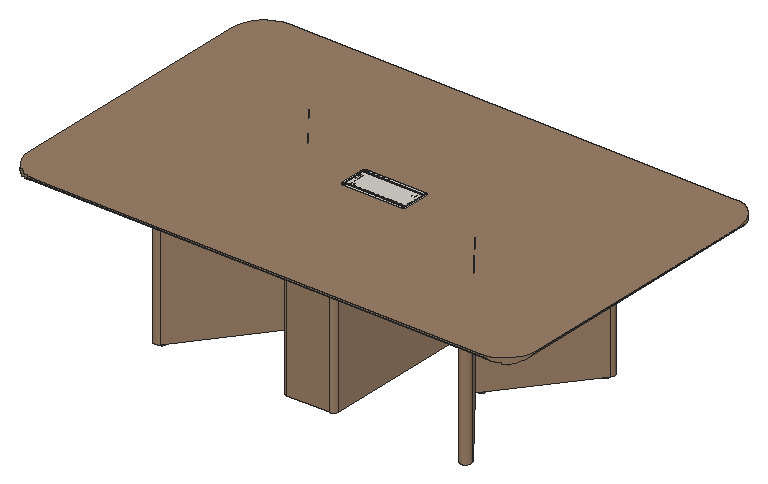
Revit family "Table-Teknion-CFTBKV-Figure_Table_Butter_Knife_Edge-Open_V_Leg_Base-R2023", category Furniture, Revit 2023 (continued)
Definition of nested family "Softened Panel"
  Forms (in)
    Revolve 4, solid, material <- "Glide Finish"
      sketch origin (0, 13.646, 0) x (-1, 0, 0) y (0, 0, 1)
        loop
          line (-3.64645, 0.25) -> (-3.64645, 0) -> (-3.14645, 0) -> (-3.14645, 0.25) -> (-3.64645, 0.25)
        axis (-3.64645, 0.25) -> (-3.64645, 0)
      angle from 0 to 360
    Sweep 5, solid, material <- "Glide Finish"
      path origin (0, 0, 0) x (1, 0, 0) y (0, 0, 1)
        loop
          line (0, 0.5) -> (0, 0.25)
      profile origin (0, 0, 0.375) x (0, -1, 0) y (1, 0, 0)
        loop
          line (13.3335, -3.82713) -> (13.646, -4.00755) -> (13.9585, -3.82713) -> (13.9585, -3.46628) -> (13.646, -3.28586) -> (13.3335, -3.46628) -> (13.3335, -3.82713)
        loop
          line (13.3335, 3.46628) -> (13.646, 3.28586) -> (13.9585, 3.46628) -> (13.9585, 3.82713) -> (13.646, 4.00755) -> (13.3335, 3.82713) -> (13.3335, 3.46628)
        loop
          line (-13.9585, 3.46628) -> (-13.646, 3.28586) -> (-13.3335, 3.46628) -> (-13.3335, 3.82713) -> (-13.646, 4.00755) -> (-13.9585, 3.82713) -> (-13.9585, 3.46628)
        loop
          line (-13.9585, -3.82713) -> (-13.646, -4.00755) -> (-13.3335, -3.82713) -> (-13.3335, -3.46628) -> (-13.646, -3.28586) -> (-13.9585, -3.46628) -> (-13.9585, -3.82713)
    Sweep 6, solid, material <- "Base Finish"
      path origin (0, 0, 0) x (1, 0, 0) y (0, 0, 1)
        loop
          line (0, 26.75) -> (0, 0.5)
      profile origin (0, 0, 13.625) x (0, -1, 0) y (1, 0, 0)
        loop
          line (14, 5) -> (-14, 5)
          arc (-14, 5) -> (-14.70711, 4.70711) -> (-15, 4) r 1
          line (-15, 4) -> (-15, -4)
          arc (-15, -4) -> (-14.70711, -4.70711) -> (-14, -5) r 1
          line (-14, -5) -> (14, -5)
          arc (14, -5) -> (14.70711, -4.70711) -> (15, -4) r 1
          line (15, -4) -> (15, 4)
          arc (15, 4) -> (14.70711, 4.70711) -> (14, 5) r 1
    Sweep 7, void
      path origin (0, 0, 0) x (1, 0, 0) y (0, 1, 0)
        loop
          line (7.5, 0) -> (-7.5, 0)
      profile origin (0, 0, 0) x (0, -1, 0) y (0, 0, 1)
        loop
          line (-5, 27.5) -> (-5, 24.5)
          arc (-5, 24.5) -> (-4.85355, 24.14645) -> (-4.5, 24) r 0.5
          line (-4.5, 24) -> (4.5, 24)
          arc (4.5, 24) -> (4.85355, 24.14645) -> (5, 24.5) r 0.5
          line (5, 24.5) -> (5, 27.5) -> (-5, 27.5)
    Sweep 8, void
      path origin (0, 0, 0) x (1, 0, 0) y (0, 0, 1)
        loop
          line (0, 26) -> (0, 1.25)
      profile origin (0, 0, 13.625) x (0, -1, 0) y (1, 0, 0)
        loop
          line (-14.25, -4.25) -> (14.25, -4.25) -> (14.25, 4.25) -> (-14.25, 4.25) -> (-14.25, -4.25)
    Sweep 9, void
      path origin (0, 0, 0) x (1, 0, 0) y (0, 0, 1)
        loop
          line (0, 0) -> (0, 2)
      profile origin (0, 0, 1) x (-1, 0, 0) y (0, -1, 0)
        loop
          arc (3, -2.64575) -> (4, 0) -> (3, 2.64575) r 4
          line (3, 2.64575) -> (3, 4.5)
          arc (3, 4.5) -> (2.85355, 4.85355) -> (2.5, 5) r 0.5
          line (2.5, 5) -> (-2.5, 5)
          arc (-2.5, 5) -> (-2.85355, 4.85355) -> (-3, 4.5) r 0.5
          line (-3, 4.5) -> (-3, 2.64575)
          arc (-3, 2.64575) -> (-4, 0) -> (-3, -2.64575) r 4
          line (-3, -2.64575) -> (-3, -4.5)
          arc (-3, -4.5) -> (-2.85355, -4.85355) -> (-2.5, -5) r 0.5
          line (-2.5, -5) -> (2.5, -5)
          arc (2.5, -5) -> (2.85355, -4.85355) -> (3, -4.5) r 0.5
          line (3, -4.5) -> (3, -2.64575)
    Sweep 10, void
      path origin (0, 0, 0) x (1, 0, 0) y (0, 1, 0)
        loop
          line (-2.5, 0) -> (-7.5, 0)
      profile origin (-5, 0, 0) x (0, -1, 0) y (0, 0, 1)
        loop
          line (-3.9, 21) -> (-3.9, 4.6) -> (3.9, 4.6) -> (3.9, 21) -> (-3.9, 21)
        loop
          line (-4, 22) -> (-4, 4.5) -> (4, 4.5) -> (4, 22)
          arc (4, 22) -> (3.85355, 22.35355) -> (3.5, 22.5) r 0.5
          line (3.5, 22.5) -> (-3.5, 22.5)
          arc (-3.5, 22.5) -> (-3.85355, 22.35355) -> (-4, 22) r 0.5
    Sweep 11, void
      path origin (0, 0, 0) x (1, 0, 0) y (0, 1, 0)
        loop
          line (7.5, 0) -> (-7.25, 0)
      profile origin (0.125, 0, 0) x (0, -1, 0) y (0, 0, 1)
        loop
          arc (2.75, 24) -> (2.92678, 24.07322) -> (3, 24.25) r 0.25
          line (3, 24.25) -> (3, 25.75)
          arc (3, 25.75) -> (2.92678, 25.92678) -> (2.75, 26) r 0.25
          line (2.75, 26) -> (-2.75, 26)
          arc (-2.75, 26) -> (-2.92678, 25.92678) -> (-3, 25.75) r 0.25
          line (-3, 25.75) -> (-3, 24.25)
          arc (-3, 24.25) -> (-2.92678, 24.07322) -> (-2.75, 24) r 0.25
          line (-2.75, 24) -> (2.75, 24)
    Sweep 12, void
      path origin (0, 0, 0) x (1, 0, 0) y (0, 0, 1)
        loop
          line (0, 28.75) -> (0, -1.25)
      profile origin (0, 0, 13.75) x (0, -1, 0) y (1, 0, 0)
        loop
          arc (4.5, -3) -> (4.85355, -2.85355) -> (5, -2.5) r 0.5
          line (5, -2.5) -> (5, 2.5)
          arc (5, 2.5) -> (4.85355, 2.85355) -> (4.5, 3) r 0.5
          line (4.5, 3) -> (-4.5, 3)
          arc (-4.5, 3) -> (-4.85355, 2.85355) -> (-5, 2.5) r 0.5
          line (-5, 2.5) -> (-5, -2.5)
          arc (-5, -2.5) -> (-4.85355, -2.85355) -> (-4.5, -3) r 0.5
          line (-4.5, -3) -> (4.5, -3)
  Cuts and joins
    joined: Revolve 1, Revolve 2, Revolve 3, Revolve 4, Sweep 5
    Sweep 7, Sweep 8, Sweep 9, Sweep 10, Sweep 11, Sweep 12 cuts Sweep 6
  Lines and regions (in)
    symbolic lines, visible <- "Bottom Cutout", detail levels medium+fine
      curve 1: arc (3, 2.64575, 0) -> (4, 0, 0) -> (3, -2.64575, 0) r 4
      curve 2: arc (-3, -2.64575, 0) -> (-4, 0, 0) -> (-3, 2.64575, 0) r 4
      curve 41: arc (-3, 2.64575, 0) -> (-4, 0, 0) -> (-3, -2.64575, 0) r 4
      curve 47: arc (3, -2.64575, 0) -> (4, 0, 0) -> (3, 2.64575, 0) r 4
    symbolic lines, not visible, detail levels medium+fine
      curve 3: line (5, 5, 0) -> (-5, 5, 0)
      curve 4: line (-5, -5, 0) -> (5, -5, 0)
    symbolic lines, detail levels fine
      curve 5: line (-3.46628, 13.9585, 0) -> (-3.82713, 13.9585, 0)
      curve 6: line (-3.82713, 13.9585, 0) -> (-4.00755, 13.646, 0)
      curve 7: line (-4.00755, 13.646, 0) -> (-3.82713, 13.3335, 0)
      curve 8: line (-3.82713, 13.3335, 0) -> (-3.46628, 13.3335, 0)
      curve 9: line (-3.46628, 13.3335, 0) -> (-3.28586, 13.646, 0)
      curve 10: line (-3.28586, 13.646, 0) -> (-3.46628, 13.9585, 0)
      curve 11: arc (-4.14645, 13.646, 0) -> (-3.64645, 14.146, 0) -> (-3.14645, 13.646, 0) r 0.5
      curve 12: arc (-3.14645, 13.646, 0) -> (-3.64645, 13.146, 0) -> (-4.14645, 13.646, 0) r 0.5
      curve 13: arc (4.14645, 13.646, 0) -> (3.64645, 13.146, 0) -> (3.14645, 13.646, 0) r 0.5
      curve 14: arc (3.14645, 13.646, 0) -> (3.64645, 14.146, 0) -> (4.14645, 13.646, 0) r 0.5
      curve 15: line (3.82713, 13.9585, 0) -> (3.46628, 13.9585, 0)
      curve 16: line (3.46628, 13.9585, 0) -> (3.28586, 13.646, 0)
      curve 17: line (3.28586, 13.646, 0) -> (3.46628, 13.3335, 0)
      curve 18: line (3.46628, 13.3335, 0) -> (3.82713, 13.3335, 0)
      curve 19: line (3.82713, 13.3335, 0) -> (4.00755, 13.646, 0)
      curve 20: line (4.00755, 13.646, 0) -> (3.82713, 13.9585, 0)
      curve 21: line (3.82713, -13.3335, 0) -> (3.46628, -13.3335, 0)
      curve 22: line (3.46628, -13.3335, 0) -> (3.28586, -13.646, 0)
      curve 23: line (3.28586, -13.646, 0) -> (3.46628, -13.9585, 0)
      curve 24: line (3.46628, -13.9585, 0) -> (3.82713, -13.9585, 0)
      curve 25: line (3.82713, -13.9585, 0) -> (4.00755, -13.646, 0)
      curve 26: line (4.00755, -13.646, 0) -> (3.82713, -13.3335, 0)
      curve 27: arc (4.14645, -13.646, 0) -> (3.64645, -13.146, 0) -> (3.14645, -13.646, 0) r 0.5
      curve 28: arc (3.14645, -13.646, 0) -> (3.64645, -14.146, 0) -> (4.14645, -13.646, 0) r 0.5
      curve 29: arc (-4.14645, -13.646, 0) -> (-3.64645, -14.146, 0) -> (-3.14645, -13.646, 0) r 0.5
      curve 30: arc (-3.14645, -13.646, 0) -> (-3.64645, -13.146, 0) -> (-4.14645, -13.646, 0) r 0.5
      curve 31: line (-3.28586, -13.646, 0) -> (-3.46628, -13.3335, 0)
      curve 32: line (-3.46628, -13.3335, 0) -> (-3.82713, -13.3335, 0)
      curve 33: line (-3.82713, -13.3335, 0) -> (-4.00755, -13.646, 0)
      curve 34: line (-4.00755, -13.646, 0) -> (-3.82713, -13.9585, 0)
      curve 35: line (-3.82713, -13.9585, 0) -> (-3.46628, -13.9585, 0)
      curve 36: line (-3.46628, -13.9585, 0) -> (-3.28586, -13.646, 0)
    symbolic lines, detail levels medium+fine
      curve 37: line (-4.25, 14.25, 0) -> (-4.25, -14.25, 0)
      curve 38: line (-4.25, -14.25, 0) -> (4.25, -14.25, 0)
      curve 39: line (4.25, -14.25, 0) -> (4.25, 14.25, 0)
      curve 40: line (4.25, 14.25, 0) -> (-4.25, 14.25, 0)
      curve 42: line (-3, -2.64575, 0) -> (-3, -4.5, 0)
      curve 43: arc (-3, -4.5, 0) -> (-2.85355, -4.85355, 0) -> (-2.5, -5, 0) r 0.5
      curve 44: line (-2.5, -5, 0) -> (2.5, -5, 0)
      curve 45: arc (2.5, -5, 0) -> (2.85355, -4.85355, 0) -> (3, -4.5, 0) r 0.5
      curve 46: line (3, -4.5, 0) -> (3, -2.64575, 0)
      curve 48: line (3, 2.64575, 0) -> (3, 4.5, 0)
      curve 49: arc (3, 4.5, 0) -> (2.85355, 4.85355, 0) -> (2.5, 5, 0) r 0.5
      curve 50: line (2.5, 5, 0) -> (-2.5, 5, 0)
      curve 51: arc (-2.5, 5, 0) -> (-2.85355, 4.85355, 0) -> (-3, 4.5, 0) r 0.5
      curve 52: line (-3, 4.5, 0) -> (-3, 2.64575, 0)
      curve 53: line (-3, -4.5, 0) -> (-3, -2.64575, 0)
      curve 54: arc (-3, 4.5, 0) -> (-2.85355, 4.85355, 0) -> (-2.5, 5, 0) r 0.5
      curve 55: line (-2.5, 5, 0) -> (2.5, 5, 0)
      curve 56: arc (2.5, 5, 0) -> (2.85355, 4.85355, 0) -> (3, 4.5, 0) r 0.5
      curve 57: line (3, 4.5, 0) -> (3, 2.64575, 0)
      curve 58: arc (3, -4.5, 0) -> (2.85355, -4.85355, 0) -> (2.5, -5, 0) r 0.5
      curve 59: line (2.5, -5, 0) -> (-2.5, -5, 0)
      curve 60: arc (-2.5, -5, 0) -> (-2.85355, -4.85355, 0) -> (-3, -4.5, 0) r 0.5
      curve 61: line (-5, 14, 0) -> (-5, -14, 0)
      curve 62: arc (-5, -14, 0) -> (-4.70711, -14.70711, 0) -> (-4, -15, 0) r 1
      curve 63: line (-4, -15, 0) -> (4, -15, 0)
      curve 64: arc (4, -15, 0) -> (4.70711, -14.70711, 0) -> (5, -14, 0) r 1
      curve 65: line (5, -14, 0) -> (5, 14, 0)
      curve 66: arc (5, 14, 0) -> (4.70711, 14.70711, 0) -> (4, 15, 0) r 1
      curve 67: line (4, 15, 0) -> (-4, 15, 0)
      curve 68: arc (-4, 15, 0) -> (-4.70711, 14.70711, 0) -> (-5, 14, 0) r 1
      curve 69: line (3, -2.64575, 0) -> (3, -4.5, 0)
      curve 70: line (-3, 2.64575, 0) -> (-3, 4.5, 0)
  Dimensions and locks (in)
    plane 4 "Left" to plane 5 "Right" = 10.000"
    "Panel Width": plane 6 "Back" to plane 7 "Front"
    locked: plane 8 "Top" to level at 26.75
    equal spacing: plane 6 "Back", plane 1 "Center Front/Back", plane 7 "Front"
    equal spacing: plane 4 "Left", plane 3 "Center Left/Right", plane 5 "Right"
    locked: plane 6 "Back" to plane 10 "2" at 1.354
    locked: plane 7 "Front" to plane 9 "1" at 1.354
    locked: plane 11 to plane 2 at 0.5
    locked: Revolve 1 sketch curve to plane 2 at 0.25
    Revolve 1 sketch curve to Revolve 1 sketch curve to plane 4 "Left" = 0.500" locked, 0.85355" locked
    locked: Revolve 2 sketch curve to plane 2 at 0.25
    Revolve 2 sketch curve to Revolve 2 sketch curve to plane 5 "Right" = 0.500" locked, 1.35355" locked
    locked: Revolve 2 sketch curve to plane 5 "Right" at 1.35355
    Revolve 3 sketch curve to Revolve 3 sketch curve to plane 4 "Left" = 0.500" locked, 0.85355" locked
    locked: Revolve 3 sketch curve to plane 2 at 0.25
    locked: Revolve 4 sketch curve to plane 2 at 0.25
    Revolve 4 sketch curve to Revolve 4 sketch curve to plane 5 "Right" = 0.500" locked, 1.35355" locked
    locked: Revolve 4 sketch curve to plane 5 "Right" at 1.35355
    locked: Sweep 5 sketch curve to plane 2 at 0.25
    plane 4 "Left" to Sweep 5 sketch curve to Sweep 5 sketch curve to Sweep 5 sketch curve to Sweep 5 sketch curve to Sweep 5 sketch curve to Sweep 5 sketch curve = 0.99245" locked, 0.18042" locked, 0.000" locked, 0.36084" locked, 0.000" locked, 0.18042" locked  (x2)
    Sweep 5 sketch curve to Sweep 5 sketch curve to Sweep 5 sketch curve to Sweep 5 sketch curve to Sweep 5 sketch curve to Sweep 5 sketch curve to plane 5 "Right" = 0.18042" locked, 0.000" locked, 0.36084" locked, 0.000" locked, 0.18042" locked, 0.99245" locked  (x2)
    Sweep 5 sketch curve to plane 9 "1" to Sweep 5 sketch curve = 0.3125" locked, 0.3125" locked  (x2)
    Sweep 5 sketch curve to plane 10 "2" to Sweep 5 sketch curve = 0.3125" locked, 0.3125" locked  (x2)
    locked: plane 4 "Left" to Revolve 1 sketch curve at 1.35355
    locked: plane 4 "Left" to Revolve 3 sketch curve at 1.35355
    locked: plane 6 "Back" to Sweep 6 sketch curve at 1  (x2)
    locked: plane 7 "Front" to Sweep 6 sketch curve at 1  (x2)
    locked: plane 4 "Left" to Sweep 6 sketch curve at 1  (x2)
    locked: Sweep 6 sketch curve to plane 5 "Right" at 1  (x2)
    Sweep 7 sketch curve to Sweep 7 sketch curve to plane 1 "Center Front/Back" to Sweep 7 sketch curve to Sweep 7 sketch curve = 0.500" locked, 4.500" locked, 4.500" locked, 0.500" locked
    Sweep 7 sketch curve to plane 8 "Top" to Sweep 7 sketch curve = 0.750" locked, 2.750" locked
    locked: Sweep 8 sketch curve to plane 11 at 0.75
    locked: plane 8 "Top" to Sweep 8 sketch curve at 0.75
    locked: Sweep 8 sketch curve to plane 7 "Front" at 0.75
    locked: Sweep 8 sketch curve to plane 6 "Back" at 0.75
    locked: plane 4 "Left" to Sweep 8 sketch curve at 0.75
    locked: Sweep 8 sketch curve to plane 5 "Right" at 0.75
    locked: Sweep 9 sketch curve to plane 2 at 2
    Sweep 9 sketch curve to Sweep 9 sketch curve to Sweep 9 sketch curve to Sweep 9 sketch curve to Sweep 9 sketch curve to plane 1 "Center Front/Back" to Sweep 9 sketch curve to Sweep 9 sketch curve to Sweep 9 sketch curve to Sweep 9 sketch curve to Sweep 9 sketch curve = 0.500" locked, 0.000" locked, 1.85425" locked, 0.000" locked, 2.64575" locked, 2.64575" locked, 0.000" locked, 1.85425" locked, 0.000" locked, 0.500" locked
    Sweep 9 sketch curve to Sweep 9 sketch curve to plane 3 "Center Left/Right" to Sweep 9 sketch curve to Sweep 9 sketch curve = 0.500" locked, 2.500" locked, 2.500" locked, 0.500" locked
    Sweep 10 sketch curve to Sweep 10 sketch curve to plane 3 "Center Left/Right" = 5.000" locked, 2.500" locked
    Sweep 10 sketch curve to Sweep 10 sketch curve to Sweep 10 sketch curve to Sweep 10 sketch curve to plane 11 = 1.500" locked, 16.400" locked, 0.100" locked, 4.000" locked
    Sweep 10 sketch curve to Sweep 10 sketch curve to Sweep 10 sketch curve to plane 1 "Center Front/Back" to Sweep 10 sketch curve to Sweep 10 sketch curve to Sweep 10 sketch curve = 0.100" locked, 0.400" locked, 3.500" locked, 3.500" locked, 0.400" locked, 0.100" locked
    locked: Sweep 7 sketch curve to plane 4 "Left" at 2.5
    locked: plane 3 "Center Left/Right" to Sweep 11 sketch curve at 7.5
    Sweep 11 sketch curve to Sweep 11 sketch curve to plane 1 "Center Front/Back" to Sweep 11 sketch curve to Sweep 11 sketch curve = 0.250" locked, 2.750" locked, 2.750" locked, 0.250" locked
    Sweep 11 sketch curve to Sweep 11 sketch curve to Sweep 11 sketch curve to Sweep 11 sketch curve to plane 8 "Top" = 0.250" locked, 1.500" locked, 0.250" locked, 0.750" locked
    locked: Sweep 12 sketch curve to plane 8 "Top" at 2
    Sweep 12 sketch curve to Sweep 12 sketch curve to plane 3 "Center Left/Right" to Sweep 12 sketch curve to Sweep 12 sketch curve = 0.500" locked, 2.500" locked, 2.500" locked, 0.500" locked
    Sweep 12 sketch curve to Sweep 12 sketch curve to plane 1 "Center Front/Back" to Sweep 12 sketch curve to Sweep 12 sketch curve = 0.500" locked, 4.500" locked, 4.500" locked, 0.500" locked
    aligned and locked: level to plane 2
    aligned and locked: plane 2 to Revolve 1 sketch curve
    aligned and locked: plane 2 to Revolve 2 sketch curve
    aligned and locked: plane 2 to Revolve 3 sketch curve
    aligned and locked: plane 2 to Revolve 4 sketch curve
    aligned and locked: plane 11 to Sweep 5 sketch curve
    aligned and locked: Sweep 5 sketch curve to plane 3 "Center Left/Right"
    aligned and locked: plane 9 "1" to Sweep 5 sketch curve  (x4)
    aligned and locked: plane 10 "2" to Sweep 5 sketch curve  (x4)
    aligned and locked: plane 11 to Sweep 6 sketch curve
    aligned and locked: plane 8 "Top" to Sweep 6 sketch curve
    aligned and locked: Sweep 6 sketch curve to plane 3 "Center Left/Right"
    aligned and locked: Sweep 6 sketch curve to plane 7 "Front"
    aligned and locked: plane 4 "Left" to Sweep 6 sketch curve
    aligned and locked: plane 6 "Back" to Sweep 6 sketch curve
    aligned and locked: Sweep 7 sketch curve to plane 1 "Center Front/Back"
    aligned and locked: Sweep 8 sketch curve to plane 3 "Center Left/Right"
    aligned and locked: plane 2 to Sweep 9 sketch curve
    aligned and locked: plane 3 "Center Left/Right" to Sweep 9 sketch curve  (x3)
    aligned and locked: Sweep 9 sketch curve to Sweep 9 sketch curve
    aligned and locked: Sweep 10 sketch curve to plane 1 "Center Front/Back"
    aligned and locked: Sweep 12 sketch curve to plane 3 "Center Left/Right"
    aligned and locked: Sweep 11 sketch curve to plane 1 "Center Front/Back"
    aligned and locked: curve 5 to cut or joined group of Revolve 1, Revolve 2, Revolve 3, Revolve 4, Sweep 5
    aligned and locked: curve 6 to cut or joined group of Revolve 1, Revolve 2, Revolve 3, Revolve 4, Sweep 5
    aligned and locked: curve 7 to cut or joined group of Revolve 1, Revolve 2, Revolve 3, Revolve 4, Sweep 5
    aligned and locked: curve 8 to cut or joined group of Revolve 1, Revolve 2, Revolve 3, Revolve 4, Sweep 5
    aligned and locked: curve 9 to cut or joined group of Revolve 1, Revolve 2, Revolve 3, Revolve 4, Sweep 5
    aligned and locked: curve 10 to cut or joined group of Revolve 1, Revolve 2, Revolve 3, Revolve 4, Sweep 5
    aligned and locked: curve 11 to cut or joined group of Revolve 1, Revolve 2, Revolve 3, Revolve 4, Sweep 5
    aligned and locked: curve 12 to cut or joined group of Revolve 1, Revolve 2, Revolve 3, Revolve 4, Sweep 5
    aligned and locked: curve 13 to cut or joined group of Revolve 1, Revolve 2, Revolve 3, Revolve 4, Sweep 5
    aligned and locked: curve 14 to cut or joined group of Revolve 1, Revolve 2, Revolve 3, Revolve 4, Sweep 5
    aligned and locked: curve 15 to cut or joined group of Revolve 1, Revolve 2, Revolve 3, Revolve 4, Sweep 5
    aligned and locked: curve 16 to cut or joined group of Revolve 1, Revolve 2, Revolve 3, Revolve 4, Sweep 5
    aligned and locked: curve 17 to cut or joined group of Revolve 1, Revolve 2, Revolve 3, Revolve 4, Sweep 5
    aligned and locked: curve 18 to cut or joined group of Revolve 1, Revolve 2, Revolve 3, Revolve 4, Sweep 5
    aligned and locked: curve 19 to cut or joined group of Revolve 1, Revolve 2, Revolve 3, Revolve 4, Sweep 5
    aligned and locked: curve 20 to cut or joined group of Revolve 1, Revolve 2, Revolve 3, Revolve 4, Sweep 5
    aligned and locked: curve 21 to cut or joined group of Revolve 1, Revolve 2, Revolve 3, Revolve 4, Sweep 5
    aligned and locked: curve 22 to cut or joined group of Revolve 1, Revolve 2, Revolve 3, Revolve 4, Sweep 5
    aligned and locked: curve 23 to cut or joined group of Revolve 1, Revolve 2, Revolve 3, Revolve 4, Sweep 5
    aligned and locked: curve 24 to cut or joined group of Revolve 1, Revolve 2, Revolve 3, Revolve 4, Sweep 5
    aligned and locked: curve 25 to cut or joined group of Revolve 1, Revolve 2, Revolve 3, Revolve 4, Sweep 5
    aligned and locked: curve 26 to cut or joined group of Revolve 1, Revolve 2, Revolve 3, Revolve 4, Sweep 5
    aligned and locked: curve 27 to cut or joined group of Revolve 1, Revolve 2, Revolve 3, Revolve 4, Sweep 5
    aligned and locked: curve 28 to cut or joined group of Revolve 1, Revolve 2, Revolve 3, Revolve 4, Sweep 5
    aligned and locked: curve 29 to cut or joined group of Revolve 1, Revolve 2, Revolve 3, Revolve 4, Sweep 5
    aligned and locked: curve 30 to cut or joined group of Revolve 1, Revolve 2, Revolve 3, Revolve 4, Sweep 5
    aligned and locked: curve 31 to cut or joined group of Revolve 1, Revolve 2, Revolve 3, Revolve 4, Sweep 5
    aligned and locked: curve 32 to cut or joined group of Revolve 1, Revolve 2, Revolve 3, Revolve 4, Sweep 5
    aligned and locked: curve 33 to cut or joined group of Revolve 1, Revolve 2, Revolve 3, Revolve 4, Sweep 5
    aligned and locked: curve 34 to cut or joined group of Revolve 1, Revolve 2, Revolve 3, Revolve 4, Sweep 5
    aligned and locked: curve 35 to cut or joined group of Revolve 1, Revolve 2, Revolve 3, Revolve 4, Sweep 5
    aligned and locked: curve 36 to cut or joined group of Revolve 1, Revolve 2, Revolve 3, Revolve 4, Sweep 5
    aligned and locked: curve 37 to cut or joined group of Sweep 6, Sweep 7, Sweep 8, Sweep 9, Sweep 10, Sweep 11, Sweep 12
    aligned and locked: curve 38 to cut or joined group of Sweep 6, Sweep 7, Sweep 8, Sweep 9, Sweep 10, Sweep 11, Sweep 12
    aligned and locked: curve 39 to cut or joined group of Sweep 6, Sweep 7, Sweep 8, Sweep 9, Sweep 10, Sweep 11, Sweep 12
    aligned and locked: curve 40 to cut or joined group of Sweep 6, Sweep 7, Sweep 8, Sweep 9, Sweep 10, Sweep 11, Sweep 12
    aligned and locked: curve 41 to Sweep 9
    aligned and locked: curve 42 to Sweep 9
    aligned and locked: curve 43 to Sweep 9
    aligned and locked: curve 45 to Sweep 9
    aligned and locked: curve 47 to Sweep 9
    aligned and locked: curve 48 to Sweep 9
    aligned and locked: curve 49 to Sweep 9
    aligned and locked: curve 51 to Sweep 9
    aligned and locked: curve 62 to cut or joined group of Sweep 6, Sweep 7, Sweep 8, Sweep 9, Sweep 10, Sweep 11, Sweep 12
    aligned and locked: curve 64 to cut or joined group of Sweep 6, Sweep 7, Sweep 8, Sweep 9, Sweep 10, Sweep 11, Sweep 12
    aligned and locked: curve 66 to cut or joined group of Sweep 6, Sweep 7, Sweep 8, Sweep 9, Sweep 10, Sweep 11, Sweep 12
    aligned and locked: curve 68 to cut or joined group of Sweep 6, Sweep 7, Sweep 8, Sweep 9, Sweep 10, Sweep 11, Sweep 12
  Automatic sketch dimensions
    Revolve 2 sketch curve to plane 11 = 0.0769"
    Revolve 2 sketch curve to level = 0.3269"
    level to Revolve 4 sketch curve = 0.45393"
    plane 11 to Revolve 4 sketch curve = 0.08613"
    plane 11 to Revolve 1 sketch curve = 0.250"
    Revolve 1 sketch curve to level = 0.62632"
    Revolve 3 sketch curve to plane 11 = 0.250"
    level to Revolve 3 sketch curve = 0.500"
    Sweep 7 sketch curve to plane 5 "Right" = 2.500"
    Sweep 11 sketch curve to plane 4 "Left" = 2.250"
    Sweep 12 sketch curve to level = 1.250"
    curve 1 to curve 2 = 0.000"
    curve 4 to curve 1 = 2.35425"
    curve 2 to curve 3 = 2.35425"
    curve 1 to curve 47 = 0.000"
Types (4): name | Width | (S) Softened Panel | Round Corners | Power - 1 & 3 | NN - None | Model | MR - Square | (H) Hexa Panel | Dim 4 | Dim 1 | Depth | Cut - WK - 1 & 3 AF | Cut - Base 2 | Cut - Base 1 | Base - 1 | Base - 2 | AF - 12" Standard | 2D - 2 Base | 2D - 1 Base | 2 WK + NN | 2 WK
  (no name) | 96.000" | yes | yes | yes | no | "CFTBKV60_" | no | no | 8.346" | 42.000" | 60.000" | 4.000" | 0.300" | 30.000" | yes | no | yes | no | yes | yes | no
  60" Depth | 96.000" | yes | yes | yes | no | "CFTBKV60_" | no | no | 8.346" | 42.000" | 60.000" | 4.000" | 0.300" | 30.000" | yes | no | yes | no | yes | yes | no
  54" Depth | 156.000" | yes | yes | no | yes | "CFTBKV54_" | no | yes | 6.846" | 42.000" | 54.000" | 0.300" | 30.000" | 0.300" | no | yes | no | yes | no | yes | yes
  48" Depth | 120.000" | no | no | yes | no | "CFTBKV48_" | yes | yes | 6.846" | 20.000" | 48.000" | 4.000" | 0.300" | 30.000" | yes | no | yes | no | yes | no | yes
